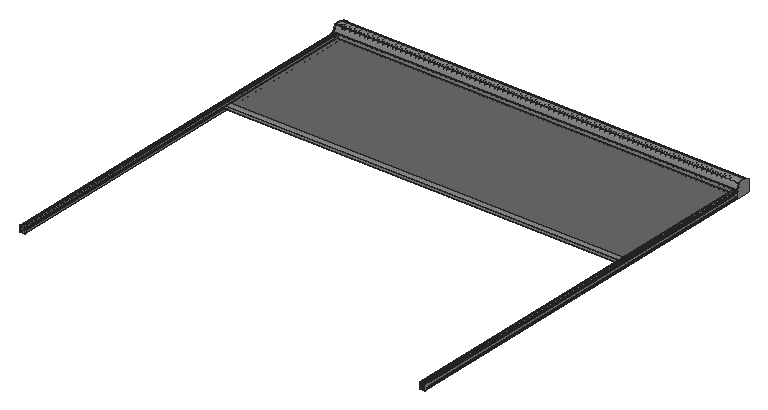
Revit family "Windows_Blinds_Nimex_Zip_105", category Specialty Equipment, host Face, Revit 2018 (continued)
Definition of nested family "Zip_105"
  Automatic sketch dimensions
    curve 563 to curve 569 = 0 mm  (x3)
    curve 491 to curve 502 = 1.1 mm
    curve 491 to curve 568 = 8.243 mm
    curve 721 to curve 491 = 22.49 mm
    curve 491 to curve 568 = 6.343 mm
    curve 489 to curve 491 = 1.675 mm
    curve 452 to curve 496 = 0 mm  (x2)
    curve 469 to curve 470 = 0 mm  (x2)
    curve 539 to curve 540 = 0 mm  (x2)
    curve 542 to curve 561 = 0 mm  (x2)
    curve 542 to curve 563 = 0 mm  (x2)
    curve 542 to curve 565 = 0 mm  (x2)
    curve 542 to curve 567 = 0 mm  (x2)
    curve 542 to curve 569 = 0 mm  (x2)
    curve 542 to curve 573 = 0 mm  (x2)
    curve 543 to curve 544 = 0 mm  (x2)
    curve 543 to curve 545 = 0 mm  (x2)
    curve 543 to curve 546 = 0 mm  (x2)
    curve 543 to curve 547 = 0 mm  (x2)
    curve 543 to curve 548 = 0 mm  (x2)
    curve 543 to curve 549 = 0 mm  (x2)
    curve 543 to curve 550 = 0 mm  (x2)
    curve 543 to curve 551 = 0 mm  (x2)
    curve 543 to curve 553 = 0 mm  (x2)
    curve 543 to curve 555 = 0 mm  (x2)
    curve 543 to curve 557 = 0 mm  (x2)
    curve 543 to curve 559 = 0 mm  (x2)
    curve 543 to curve 561 = 0 mm  (x2)
    curve 543 to curve 563 = 0 mm  (x2)
    curve 543 to curve 565 = 0 mm  (x2)
    curve 543 to curve 567 = 0 mm  (x2)
    curve 543 to curve 569 = 0 mm  (x2)
    curve 543 to curve 573 = 0 mm  (x2)
    curve 544 to curve 545 = 0 mm  (x2)
    curve 544 to curve 546 = 0 mm  (x2)
    curve 544 to curve 547 = 0 mm  (x2)
    curve 544 to curve 548 = 0 mm  (x2)
    curve 544 to curve 549 = 0 mm  (x2)
    curve 544 to curve 550 = 0 mm  (x2)
    curve 544 to curve 551 = 0 mm  (x2)
    curve 544 to curve 553 = 0 mm  (x2)
    curve 544 to curve 555 = 0 mm  (x2)
    curve 544 to curve 557 = 0 mm  (x2)
    curve 544 to curve 559 = 0 mm  (x2)
    curve 544 to curve 563 = 0 mm  (x2)
    curve 544 to curve 565 = 0 mm  (x2)
    curve 544 to curve 567 = 0 mm  (x2)
    curve 544 to curve 569 = 0 mm  (x2)
    curve 544 to curve 573 = 0 mm  (x2)
    curve 545 to curve 546 = 0 mm  (x2)
    curve 545 to curve 547 = 0 mm  (x2)
    curve 545 to curve 548 = 0 mm  (x2)
    curve 545 to curve 549 = 0 mm  (x2)
    curve 545 to curve 550 = 0 mm  (x2)
    curve 545 to curve 551 = 0 mm  (x2)
    curve 545 to curve 553 = 0 mm  (x2)
    curve 545 to curve 555 = 0 mm  (x2)
    curve 545 to curve 557 = 0 mm  (x2)
    curve 545 to curve 559 = 0 mm  (x2)
    curve 545 to curve 561 = 0 mm  (x2)
    curve 545 to curve 563 = 0 mm  (x2)
    curve 545 to curve 565 = 0 mm  (x2)
    curve 545 to curve 567 = 0 mm  (x2)
    curve 545 to curve 569 = 0 mm  (x2)
    curve 545 to curve 573 = 0 mm  (x2)
    curve 546 to curve 547 = 0 mm  (x2)
    curve 546 to curve 548 = 0 mm  (x2)
    curve 546 to curve 549 = 0 mm  (x2)
    curve 546 to curve 550 = 0 mm  (x2)
    curve 546 to curve 551 = 0 mm  (x2)
    curve 546 to curve 553 = 0 mm  (x2)
    curve 546 to curve 555 = 0 mm  (x2)
    curve 546 to curve 557 = 0 mm  (x2)
    curve 546 to curve 559 = 0 mm  (x2)
    curve 546 to curve 561 = 0 mm  (x2)
    curve 546 to curve 563 = 0 mm  (x2)
    curve 546 to curve 565 = 0 mm  (x2)
    curve 546 to curve 567 = 0 mm  (x2)
    curve 546 to curve 569 = 0 mm  (x2)
    curve 546 to curve 573 = 0 mm  (x2)
    curve 547 to curve 548 = 0 mm  (x2)
    curve 547 to curve 549 = 0 mm  (x2)
    curve 547 to curve 550 = 0 mm  (x2)
    curve 547 to curve 551 = 0 mm  (x2)
    curve 547 to curve 553 = 0 mm  (x2)
    curve 547 to curve 555 = 0 mm  (x2)
    curve 547 to curve 557 = 0 mm  (x2)
    curve 547 to curve 559 = 0 mm  (x2)
    curve 547 to curve 561 = 0 mm  (x2)
    curve 547 to curve 563 = 0 mm  (x2)
    curve 547 to curve 565 = 0 mm  (x2)
    curve 547 to curve 567 = 0 mm  (x2)
    curve 547 to curve 569 = 0 mm  (x2)
    curve 547 to curve 573 = 0 mm  (x2)
    curve 548 to curve 549 = 0 mm  (x2)
    curve 548 to curve 550 = 0 mm  (x2)
    curve 548 to curve 551 = 0 mm  (x2)
    curve 548 to curve 553 = 0 mm  (x2)
    curve 548 to curve 555 = 0 mm  (x2)
    curve 548 to curve 557 = 0 mm  (x2)
    curve 548 to curve 559 = 0 mm  (x2)
    curve 548 to curve 561 = 0 mm  (x2)
    curve 548 to curve 563 = 0 mm  (x2)
    curve 548 to curve 565 = 0 mm  (x2)
    curve 548 to curve 567 = 0 mm  (x2)
    curve 548 to curve 569 = 0 mm  (x2)
    curve 548 to curve 573 = 0 mm  (x2)
    curve 549 to curve 550 = 0 mm  (x2)
    curve 549 to curve 551 = 0 mm  (x2)
    curve 549 to curve 553 = 0 mm  (x2)
    curve 549 to curve 555 = 0 mm  (x2)
    curve 549 to curve 557 = 0 mm  (x2)
    curve 549 to curve 559 = 0 mm  (x2)
    curve 549 to curve 561 = 0 mm  (x2)
    curve 549 to curve 563 = 0 mm  (x2)
    curve 549 to curve 565 = 0 mm  (x2)
    curve 549 to curve 567 = 0 mm  (x2)
    curve 549 to curve 569 = 0 mm  (x2)
    curve 549 to curve 573 = 0 mm  (x2)
    curve 550 to curve 551 = 0 mm  (x2)
    curve 550 to curve 553 = 0 mm  (x2)
    curve 550 to curve 555 = 0 mm  (x2)
    curve 550 to curve 557 = 0 mm  (x2)
    curve 550 to curve 559 = 0 mm  (x2)
    curve 550 to curve 561 = 0 mm  (x2)
    curve 550 to curve 563 = 0 mm  (x2)
    curve 550 to curve 565 = 0 mm  (x2)
    curve 550 to curve 567 = 0 mm  (x2)
    curve 550 to curve 569 = 0 mm  (x2)
    curve 550 to curve 573 = 0 mm  (x2)
    curve 551 to curve 553 = 0 mm  (x2)
    curve 551 to curve 555 = 0 mm  (x2)
    curve 551 to curve 557 = 0 mm  (x2)
    curve 551 to curve 559 = 0 mm  (x2)
    curve 551 to curve 561 = 0 mm  (x2)
    curve 551 to curve 563 = 0 mm  (x2)
    curve 551 to curve 565 = 0 mm  (x2)
    curve 551 to curve 567 = 0 mm  (x2)
    curve 551 to curve 569 = 0 mm  (x2)
    curve 551 to curve 573 = 0 mm  (x2)
    curve 553 to curve 555 = 0 mm  (x2)
    curve 553 to curve 557 = 0 mm  (x2)
    curve 553 to curve 559 = 0 mm  (x2)
    curve 553 to curve 561 = 0 mm  (x2)
    curve 553 to curve 565 = 0 mm  (x2)
    curve 553 to curve 567 = 0 mm  (x2)
    curve 553 to curve 569 = 0 mm  (x2)
    curve 553 to curve 573 = 0 mm  (x2)
    curve 555 to curve 557 = 0 mm  (x2)
    curve 555 to curve 559 = 0 mm  (x2)
    curve 555 to curve 561 = 0 mm  (x2)
    curve 555 to curve 563 = 0 mm  (x2)
    curve 555 to curve 565 = 0 mm  (x2)
    curve 555 to curve 567 = 0 mm  (x2)
    curve 555 to curve 569 = 0 mm  (x2)
    curve 557 to curve 559 = 0 mm  (x2)
    curve 557 to curve 561 = 0 mm  (x2)
    curve 557 to curve 563 = 0 mm  (x2)
    curve 557 to curve 565 = 0 mm  (x2)
    curve 557 to curve 567 = 0 mm  (x2)
    curve 557 to curve 569 = 0 mm  (x2)
    curve 559 to curve 561 = 0 mm  (x2)
    curve 559 to curve 563 = 0 mm  (x2)
    curve 559 to curve 565 = 0 mm  (x2)
    curve 559 to curve 567 = 0 mm  (x2)
    curve 559 to curve 569 = 0 mm  (x2)
    curve 561 to curve 563 = 0 mm  (x2)
    curve 561 to curve 565 = 0 mm  (x2)
    curve 561 to curve 567 = 0 mm  (x2)
    curve 561 to curve 573 = 0 mm  (x2)
    curve 563 to curve 573 = 0 mm  (x2)
    curve 565 to curve 569 = 0 mm  (x2)
    curve 565 to curve 573 = 0 mm  (x2)
    curve 567 to curve 573 = 0 mm  (x2)
    curve 569 to curve 573 = 0 mm  (x2)
    curve 500 to curve 503 = 2.823 mm
    curve 503 to curve 518 = 15.53 mm
    curve 485 to curve 500 = 18.2 mm
    curve 701 to curve 708 = 0 mm  (x4)
    curve 689 to curve 703 = 0 mm  (x4)
    curve 586 to curve 591 = 2.796 mm
    curve 726 to curve 639 = 1.297 mm
    curve 627 to curve 706 = 3.249 mm
    curve 627 to curve 699 = 13.44 mm
    curve 697 to curve 627 = 19.663 mm
    curve 627 to curve 683 = 1.505 mm
    curve 699 to curve 696 = 0.336 mm
    curve 581 to curve 584 = 0 mm  (x4)
    curve 691 to curve 705 = 0 mm  (x4)
    curve 704 to curve 706 = 0 mm  (x4)
    curve 591 to curve 626 = 51.963 mm
    curve 722 to curve 626 = 1.846 mm
    curve 693 to curve 697 = 0 mm  (x4)
    curve 695 to curve 699 = 0 mm  (x4)
    curve 702 to curve 704 = 0 mm  (x3)
    curve 576 to curve 580 = 0 mm  (x3)
    curve 649 to curve 677 = 0 mm  (x4)
    curve 681 to curve 698 = 0 mm  (x3)
    curve 690 to curve 700 = 0 mm  (x3)
    curve 692 to curve 710 = 0 mm  (x3)
    curve 694 to curve 710 = 0 mm  (x3)
    curve 696 to curve 710 = 0 mm  (x4)
    curve 698 to curve 706 = 0 mm  (x4)
    curve 700 to curve 702 = 0 mm  (x3)
    curve 700 to curve 704 = 0 mm  (x3)
    curve 700 to curve 706 = 0 mm  (x3)
    curve 628 to curve 639 = 1.1 mm
    curve 628 to curve 705 = 8.243 mm
    curve 722 to curve 628 = 22.49 mm
    curve 628 to curve 705 = 6.343 mm
    curve 626 to curve 628 = 1.675 mm
    curve 589 to curve 633 = 0 mm  (x2)
    curve 606 to curve 607 = 0 mm  (x2)
    curve 676 to curve 677 = 0 mm  (x2)
    curve 679 to curve 698 = 0 mm  (x2)
    curve 679 to curve 700 = 0 mm  (x2)
    curve 679 to curve 702 = 0 mm  (x2)
    curve 679 to curve 704 = 0 mm  (x2)
    curve 679 to curve 706 = 0 mm  (x2)
    curve 679 to curve 710 = 0 mm  (x2)
    curve 680 to curve 681 = 0 mm  (x2)
    curve 680 to curve 682 = 0 mm  (x2)
    curve 680 to curve 683 = 0 mm  (x2)
    curve 680 to curve 684 = 0 mm  (x2)
    curve 680 to curve 685 = 0 mm  (x2)
    curve 680 to curve 686 = 0 mm  (x2)
    curve 680 to curve 687 = 0 mm  (x2)
    curve 680 to curve 688 = 0 mm  (x2)
    curve 680 to curve 690 = 0 mm  (x2)
    curve 680 to curve 692 = 0 mm  (x2)
    curve 680 to curve 694 = 0 mm  (x2)
    curve 680 to curve 696 = 0 mm  (x2)
    curve 680 to curve 698 = 0 mm  (x2)
    curve 680 to curve 700 = 0 mm  (x2)
    curve 680 to curve 702 = 0 mm  (x2)
    curve 680 to curve 704 = 0 mm  (x2)
    curve 680 to curve 706 = 0 mm  (x2)
    curve 680 to curve 710 = 0 mm  (x2)
    curve 681 to curve 682 = 0 mm  (x2)
    curve 681 to curve 683 = 0 mm  (x2)
    curve 681 to curve 684 = 0 mm  (x2)
    curve 681 to curve 685 = 0 mm  (x2)
    curve 681 to curve 686 = 0 mm  (x2)
    curve 681 to curve 687 = 0 mm  (x2)
    curve 681 to curve 688 = 0 mm  (x2)
    curve 681 to curve 690 = 0 mm  (x2)
    curve 681 to curve 692 = 0 mm  (x2)
    curve 681 to curve 694 = 0 mm  (x2)
    curve 681 to curve 696 = 0 mm  (x2)
    curve 681 to curve 700 = 0 mm  (x2)
    curve 681 to curve 702 = 0 mm  (x2)
    curve 681 to curve 704 = 0 mm  (x2)
    curve 681 to curve 706 = 0 mm  (x2)
    curve 681 to curve 710 = 0 mm  (x2)
    curve 682 to curve 683 = 0 mm  (x2)
    curve 682 to curve 684 = 0 mm  (x2)
    curve 682 to curve 685 = 0 mm  (x2)
    curve 682 to curve 686 = 0 mm  (x2)
    curve 682 to curve 687 = 0 mm  (x2)
    curve 682 to curve 688 = 0 mm  (x2)
    curve 682 to curve 690 = 0 mm  (x2)
    curve 682 to curve 692 = 0 mm  (x2)
    curve 682 to curve 694 = 0 mm  (x2)
    curve 682 to curve 696 = 0 mm  (x2)
    curve 682 to curve 698 = 0 mm  (x2)
    curve 682 to curve 700 = 0 mm  (x2)
    curve 682 to curve 702 = 0 mm  (x2)
    curve 682 to curve 704 = 0 mm  (x2)
    curve 682 to curve 706 = 0 mm  (x2)
    curve 682 to curve 710 = 0 mm  (x2)
    curve 683 to curve 684 = 0 mm  (x2)
    curve 683 to curve 685 = 0 mm  (x2)
    curve 683 to curve 686 = 0 mm  (x2)
    curve 683 to curve 687 = 0 mm  (x2)
    curve 683 to curve 688 = 0 mm  (x2)
    curve 683 to curve 690 = 0 mm  (x2)
    curve 683 to curve 692 = 0 mm  (x2)
    curve 683 to curve 694 = 0 mm  (x2)
    curve 683 to curve 696 = 0 mm  (x2)
    curve 683 to curve 698 = 0 mm  (x2)
    curve 683 to curve 700 = 0 mm  (x2)
    curve 683 to curve 702 = 0 mm  (x2)
    curve 683 to curve 704 = 0 mm  (x2)
    curve 683 to curve 706 = 0 mm  (x2)
    curve 683 to curve 710 = 0 mm  (x2)
    curve 684 to curve 685 = 0 mm  (x2)
    curve 684 to curve 686 = 0 mm  (x2)
    curve 684 to curve 687 = 0 mm  (x2)
    curve 684 to curve 688 = 0 mm  (x2)
    curve 684 to curve 690 = 0 mm  (x2)
    curve 684 to curve 692 = 0 mm  (x2)
    curve 684 to curve 694 = 0 mm  (x2)
    curve 684 to curve 696 = 0 mm  (x2)
    curve 684 to curve 698 = 0 mm  (x2)
    curve 684 to curve 700 = 0 mm  (x2)
    curve 684 to curve 702 = 0 mm  (x2)
    curve 684 to curve 704 = 0 mm  (x2)
    curve 684 to curve 706 = 0 mm  (x2)
    curve 684 to curve 710 = 0 mm  (x2)
    curve 685 to curve 686 = 0 mm  (x2)
    curve 685 to curve 687 = 0 mm  (x2)
    curve 685 to curve 688 = 0 mm  (x2)
    curve 685 to curve 690 = 0 mm  (x2)
    curve 685 to curve 692 = 0 mm  (x2)
    curve 685 to curve 694 = 0 mm  (x2)
    curve 685 to curve 696 = 0 mm  (x2)
    curve 685 to curve 698 = 0 mm  (x2)
    curve 685 to curve 700 = 0 mm  (x2)
    curve 685 to curve 702 = 0 mm  (x2)
    curve 685 to curve 704 = 0 mm  (x2)
    curve 685 to curve 706 = 0 mm  (x2)
    curve 685 to curve 710 = 0 mm  (x2)
    curve 686 to curve 687 = 0 mm  (x2)
    curve 686 to curve 688 = 0 mm  (x2)
    curve 686 to curve 690 = 0 mm  (x2)
    curve 686 to curve 692 = 0 mm  (x2)
    curve 686 to curve 694 = 0 mm  (x2)
    curve 686 to curve 696 = 0 mm  (x2)
    curve 686 to curve 698 = 0 mm  (x2)
    curve 686 to curve 700 = 0 mm  (x2)
    curve 686 to curve 702 = 0 mm  (x2)
    curve 686 to curve 704 = 0 mm  (x2)
    curve 686 to curve 706 = 0 mm  (x2)
    curve 686 to curve 710 = 0 mm  (x2)
    curve 687 to curve 688 = 0 mm  (x2)
    curve 687 to curve 690 = 0 mm  (x2)
    curve 687 to curve 692 = 0 mm  (x2)
    curve 687 to curve 694 = 0 mm  (x2)
    curve 687 to curve 696 = 0 mm  (x2)
    curve 687 to curve 698 = 0 mm  (x2)
    curve 687 to curve 700 = 0 mm  (x2)
    curve 687 to curve 702 = 0 mm  (x2)
    curve 687 to curve 704 = 0 mm  (x2)
    curve 687 to curve 706 = 0 mm  (x2)
    curve 687 to curve 710 = 0 mm  (x2)
    curve 688 to curve 690 = 0 mm  (x2)
    curve 688 to curve 692 = 0 mm  (x2)
    curve 688 to curve 694 = 0 mm  (x2)
    curve 688 to curve 696 = 0 mm  (x2)
    curve 688 to curve 698 = 0 mm  (x2)
    curve 688 to curve 700 = 0 mm  (x2)
    curve 688 to curve 702 = 0 mm  (x2)
    curve 688 to curve 704 = 0 mm  (x2)
    curve 688 to curve 706 = 0 mm  (x2)
    curve 688 to curve 710 = 0 mm  (x2)
    curve 690 to curve 692 = 0 mm  (x2)
    curve 690 to curve 694 = 0 mm  (x2)
    curve 690 to curve 696 = 0 mm  (x2)
    curve 690 to curve 698 = 0 mm  (x2)
    curve 690 to curve 702 = 0 mm  (x2)
    curve 690 to curve 704 = 0 mm  (x2)
    curve 690 to curve 706 = 0 mm  (x2)
    curve 690 to curve 710 = 0 mm  (x2)
    curve 692 to curve 694 = 0 mm  (x2)
    curve 692 to curve 696 = 0 mm  (x2)
    curve 692 to curve 698 = 0 mm  (x2)
    curve 692 to curve 700 = 0 mm  (x2)
    curve 692 to curve 702 = 0 mm  (x2)
    curve 692 to curve 704 = 0 mm  (x2)
    curve 692 to curve 706 = 0 mm  (x2)
    curve 694 to curve 696 = 0 mm  (x2)
    curve 694 to curve 698 = 0 mm  (x2)
    curve 694 to curve 700 = 0 mm  (x2)
    curve 694 to curve 702 = 0 mm  (x2)
    curve 694 to curve 704 = 0 mm  (x2)
    curve 694 to curve 706 = 0 mm  (x2)
    curve 696 to curve 698 = 0 mm  (x2)
    curve 696 to curve 700 = 0 mm  (x2)
    curve 696 to curve 702 = 0 mm  (x2)
    curve 696 to curve 704 = 0 mm  (x2)
    curve 696 to curve 706 = 0 mm  (x2)
    curve 698 to curve 700 = 0 mm  (x2)
    curve 698 to curve 702 = 0 mm  (x2)
    curve 698 to curve 704 = 0 mm  (x2)
    curve 698 to curve 710 = 0 mm  (x2)
    curve 700 to curve 710 = 0 mm  (x2)
    curve 702 to curve 706 = 0 mm  (x2)
    curve 702 to curve 710 = 0 mm  (x2)
    curve 704 to curve 710 = 0 mm  (x2)
    curve 706 to curve 710 = 0 mm  (x2)
    curve 637 to curve 640 = 2.823 mm
    curve 640 to curve 655 = 15.53 mm
    curve 622 to curve 637 = 18.2 mm
    plane 1 "Center (Front/Back)" to curve 436 = 15.6 mm
    plane 4 to curve 436 = 56.264 mm
    curve 435 to plane 8 = 9.1 mm
    curve 435 to curve 436 = 0 mm
    plane 5 to curve 435 = 56.264 mm
    curve 436 to curve 435 = 0 mm
    curve 19 to plane 9 = 15.447 mm
    curve 19 to curve 18 = 4.152 mm
    curve 5 to level = 0 mm
    plane 10 to curve 2 = 0 mm
    curve 9 to curve 13 = 34 mm
    curve 22 to curve 10 = 34 mm
    curve 9 to plane 6 = 0 mm
    radius of curve 543 = 43 mm
    radius of curve 544 = 42 mm
    radius of curve 545 = 41 mm
    radius of curve 546 = 40 mm
    radius of curve 547 = 39 mm
    radius of curve 548 = 38 mm
    radius of curve 549 = 37 mm
    radius of curve 550 = 36 mm
    radius of curve 573 = 20 mm
    radius of curve 680 = 43 mm
    radius of curve 681 = 42 mm
    radius of curve 682 = 41 mm
    radius of curve 683 = 40 mm
    radius of curve 684 = 39 mm
    radius of curve 685 = 38 mm
    radius of curve 686 = 37 mm
    radius of curve 687 = 36 mm
    radius of curve 710 = 20 mm
  Nested families
    nested 1: "Zip_Legs" at (-1733, 5, 0), TotalHeight <- "TotalHeightControl", Metal <- "FrameMaterial", type ""
      with TotalHeight 2500 mm, Metal none
    nested 2: "Zip_Legs" at (1733, 5, 0) x (-1, 0, 0) z (0, 0, 1), TotalHeight <- "TotalHeightControl", Metal <- "FrameMaterial", type ""
      with TotalHeight 2500 mm, Metal none
    nested 3: "Zip_Top" at (0, -17.882, 2352.5), TotalWidth <- "TotalWidthControl", Metal <- "FrameMaterial", type ""
      with TotalWidth 3500 mm, Metal none
    nested 4: "Zip_Sceen" at (0, 5.2, 0), ScreenHeightControl <- "ScreenHeigthControl", TotalHeight <- "TotalHeightControl", TotalWidth <- "TotalWidthControl", Screen <- "ScreenMaterial", type ""
      with TotalWidth 3500 mm, TotalHeight 2500 mm, ScreenHeightControl 500 mm, Screen none
    nested 5: "Zip_Sceen-Frame" at (0, 5.2, 1855), TotalWidth <- "TotalWidthControl", Metal <- "FrameMaterial", type ""
      with TotalWidth 3500 mm, Metal none
  Definition of nested family "Zip_Legs"
    Parameters (values of type "Zip_Legs")
      TotalHeight [instance] = 500 mm
      Metal [instance] = none
    Reference planes
      plane 1 "Center (Front/Back)": y = 0
      plane 2: z = 0
      plane 3 "Center (Left/Right)": x = 0
      plane 4: z = 400
      plane 5: z = 500
      plane 6: x = 17
      plane 7: x = -17
      plane 8: y = 24.5
      plane 9: y = -26.074
    Forms (mm)
      Extrusion 1, solid, material <- "Metal"
        sketch origin (0, 0.4, 0) x (1, 0, 0) y (0, 1, 0)
          loop
            line (16, -7.9) -> (7.7, -7.9)
            arc (7.7, -7.9) -> (7.1, -8.5) -> (7.7, -9.1) r 0.6
            line (7.7, -9.1) -> (11.3, -9.1)
            arc (11.3, -9.1) -> (11.654, -9.246) -> (11.8, -9.6) r 0.5
            line (11.8, -9.6) -> (11.8, -14.124)
            arc (11.8, -14.124) -> (11.654, -14.478) -> (11.3, -14.624) r 0.5
            line (11.3, -14.624) -> (-9.7, -14.624)
            arc (-9.7, -14.624) -> (-10.3, -15.224) -> (-9.7, -15.824) r 0.6
            line (-9.7, -15.824) -> (-3.4, -15.824) -> (-3.4, -22.035)
            arc (-3.4, -22.035) -> (-7.577, -23.488) -> (-11.887, -22.5) r 8
            line (-11.887, -22.5) -> (-15.1, -22.5)
            arc (-15.1, -22.5) -> (-15.7, -23.1) -> (-15.1, -23.7) r 0.6
            line (-15.1, -23.7) -> (-12.4, -23.7) -> (-12.4, -24.9)
            arc (-12.4, -24.9) -> (1.911, -26.502) -> (16.222, -24.891) r 64.554
            arc (16.222, -24.891) -> (16.782, -24.54) -> (17, -23.916) r 1
            line (17, -23.916) -> (17, -8.9)
            arc (17, -8.9) -> (16.707, -8.193) -> (16, -7.9) r 1
          loop
            arc (-5.301, -24.892) -> (3.262, -25.287) -> (11.8, -24.522) r 63.354
            line (11.8, -24.522) -> (11.8, -16.324)
            arc (11.8, -16.324) -> (11.654, -15.971) -> (11.3, -15.824) r 0.5
            line (11.3, -15.824) -> (-2.2, -15.824) -> (-2.2, -22.959)
            arc (-2.2, -22.959) -> (-2.346, -23.312) -> (-2.7, -23.459) r 0.5
            line (-2.7, -23.459) -> (-3.939, -23.459)
            arc (-3.939, -23.459) -> (-4.594, -23.97) -> (-5.354, -24.307) r 3.378
            arc (-5.354, -24.307) -> (-5.566, -24.621) -> (-5.301, -24.892) r 0.3
          loop
            arc (13, -23.747) -> (13.173, -24.115) -> (13.566, -24.217) r 0.478
            arc (13.566, -24.217) -> (14.499, -24.035) -> (15.428, -23.839) r 63.354
            arc (15.428, -23.839) -> (15.767, -23.629) -> (15.9, -23.253) r 0.6
            line (15.9, -23.253) -> (15.9, -9.6)
            arc (15.9, -9.6) -> (15.754, -9.246) -> (15.4, -9.1) r 0.5
            line (15.4, -9.1) -> (13.5, -9.1)
            arc (13.5, -9.1) -> (13.146, -9.246) -> (13, -9.6) r 0.5
            line (13, -9.6) -> (13, -23.747)
        from 0 to 400
      Extrusion 2, solid, material <- "Metal"
        sketch origin (50, 0.4, 0) x (1, 0, 0) y (0, 1, 0)
          loop
            arc (-66, 24.1) -> (-66.707, 23.807) -> (-67, 23.1) r 1
            line (-67, 23.1) -> (-67, -23.9)
            arc (-67, -23.9) -> (-66.707, -24.607) -> (-66, -24.9) r 1
            line (-66, -24.9) -> (-63.1, -24.9)
            arc (-63.1, -24.9) -> (-62.5, -24.3) -> (-63.1, -23.7) r 0.6
            line (-63.1, -23.7) -> (-65.8, -23.7) -> (-65.8, -22.15) -> (-54.1, -22.15)
            arc (-54.1, -22.15) -> (-53.5, -21.55) -> (-54.1, -20.95) r 0.6
            line (-54.1, -20.95) -> (-65.4, -20.95) -> (-65.4, -17.6) -> (-54.1, -17.6)
            arc (-54.1, -17.6) -> (-53.5, -17) -> (-54.1, -16.4) r 0.6
            line (-54.1, -16.4) -> (-59.3, -16.4)
            arc (-59.3, -16.4) -> (-60.475, -15.225) -> (-59.3, -14.05) r 1.175
            line (-59.3, -14.05) -> (-56.85, -14.05) -> (-56.85, 15.5) -> (-38.3, 15.5) -> (-38.3, 8.3) -> (-42.4, 8.3)
            arc (-42.4, 8.3) -> (-43, 7.7) -> (-42.4, 7.1) r 0.6
            line (-42.4, 7.1) -> (-34, 7.1)
            arc (-34, 7.1) -> (-33.293, 7.393) -> (-33, 8.1) r 1
            line (-33, 8.1) -> (-33, 23.1)
            arc (-33, 23.1) -> (-33.293, 23.807) -> (-34, 24.1) r 1
            line (-34, 24.1) -> (-66, 24.1)
          loop
            line (-65.8, 17.139) -> (-65.8, -16.4) -> (-61.5, -16.4) -> (-61.5, -12.85) -> (-58.05, -12.85) -> (-58.05, 14.102) -> (-59.5, 14.102)
            arc (-59.5, 14.102) -> (-61.449, 15.035) -> (-61.942, 17.139) r 2.5
            line (-61.942, 17.139) -> (-65.8, 17.139)
          loop
            line (-57.002, 16.7) -> (-37.1, 16.7) -> (-37.1, 8.3) -> (-34.2, 8.3) -> (-34.2, 22.9) -> (-65.8, 22.9) -> (-65.8, 18.339) -> (-61.298, 18.339)
            arc (-61.298, 18.339) -> (-60.869, 18.531) -> (-60.47, 18.282) r 0.5
            line (-60.47, 18.282) -> (-60.034, 17.527) -> (-60.866, 17.527)
            arc (-60.866, 17.527) -> (-59.5, 14.952) -> (-58.134, 17.527) r 1.65
            line (-58.134, 17.527) -> (-58.966, 17.527) -> (-58.511, 18.315)
            arc (-58.511, 18.315) -> (-58.174, 18.544) -> (-57.786, 18.422) r 0.467
            arc (-57.786, 18.422) -> (-57.225, 17.638) -> (-57.002, 16.7) r 2.5
        from 0 to 400
    Dimensions and locks
      locked: plane 5 to plane 4 at 100
      "TotalHeight": plane 5 to plane 2
      aligned and locked: level to plane 2
      aligned and locked: plane 4 to Extrusion 1
      aligned and locked: plane 4 to Extrusion 2
    Automatic sketch dimensions
      Extrusion 2 sketch curve to plane 7 = 0 mm
      Extrusion 2 sketch curve to plane 6 = 0 mm
      plane 7 to Extrusion 2 sketch curve = 1 mm
      Extrusion 2 sketch curve to Extrusion 2 sketch curve = 0.4 mm
      Extrusion 2 sketch curve to Extrusion 2 sketch curve = 2.7 mm
      Extrusion 2 sketch curve to Extrusion 2 sketch curve = 6.1 mm
      Extrusion 2 sketch curve to Extrusion 2 sketch curve = 2.45 mm
      Extrusion 2 sketch curve to plane 3 "Center (Left/Right)" = 4.1 mm
      plane 3 "Center (Left/Right)" to Extrusion 2 sketch curve = 7.6 mm
      plane 6 to Extrusion 2 sketch curve = 5.3 mm
      plane 6 to Extrusion 2 sketch curve = 1 mm  (x2)
      Extrusion 2 sketch curve to Extrusion 2 sketch curve = 0.6 mm  (x4)
      Extrusion 2 sketch curve to Extrusion 2 sketch curve = 1.55 mm
      Extrusion 2 sketch curve to Extrusion 2 sketch curve = 3.35 mm
      Extrusion 2 sketch curve to Extrusion 2 sketch curve = 1.175 mm
      Extrusion 2 sketch curve to plane 1 "Center (Front/Back)" = 7.5 mm
      plane 7 to Extrusion 2 sketch curve = 1.2 mm  (x3)
      Extrusion 2 sketch curve to Extrusion 2 sketch curve = 0.2 mm  (x4)
      Extrusion 2 sketch curve to Extrusion 2 sketch curve = 2.2 mm
      Extrusion 2 sketch curve to Extrusion 2 sketch curve = 1.2 mm  (x6)
      Extrusion 2 sketch curve to Extrusion 2 sketch curve = 0 mm  (x5)
      Extrusion 2 sketch curve to Extrusion 2 sketch curve = 0.644 mm
      Extrusion 2 sketch curve to Extrusion 2 sketch curve = 0.394 mm
      Extrusion 2 sketch curve to Extrusion 2 sketch curve = 0.037 mm
      Extrusion 2 sketch curve to Extrusion 2 sketch curve = 0.433 mm
      Extrusion 2 sketch curve to Extrusion 2 sketch curve = 0.831 mm  (x2)
      Extrusion 2 sketch curve to Extrusion 2 sketch curve = 0.534 mm
      Extrusion 2 sketch curve to Extrusion 2 sketch curve = 0.455 mm
      Extrusion 2 sketch curve to Extrusion 2 sketch curve = 0.404 mm
      Extrusion 2 sketch curve to Extrusion 2 sketch curve = 0.926 mm
      Extrusion 2 sketch curve to Extrusion 2 sketch curve = 0.504 mm
      Extrusion 2 sketch curve to Extrusion 2 sketch curve = 0.554 mm
      Extrusion 2 sketch curve to Extrusion 2 sketch curve = 0.25 mm
      Extrusion 2 sketch curve to Extrusion 2 sketch curve = 0.233 mm
      Extrusion 1 sketch curve to Extrusion 1 sketch curve = 0 mm  (x9)
      Extrusion 1 sketch curve to plane 6 = 0 mm
      plane 6 to Extrusion 1 sketch curve = 1 mm
      Extrusion 1 sketch curve to Extrusion 1 sketch curve = 1 mm
      Extrusion 1 sketch curve to Extrusion 1 sketch curve = 0.1 mm
      Extrusion 1 sketch curve to Extrusion 1 sketch curve = 0.6 mm  (x3)
      Extrusion 1 sketch curve to Extrusion 1 sketch curve = 1.9 mm
      Extrusion 1 sketch curve to Extrusion 1 sketch curve = 1.822 mm
      Extrusion 1 sketch curve to Extrusion 1 sketch curve = 0.5 mm  (x6)
      Extrusion 1 sketch curve to Extrusion 1 sketch curve = 1.2 mm  (x3)
      Extrusion 1 sketch curve to Extrusion 1 sketch curve = 3.6 mm
      plane 3 "Center (Left/Right)" to Extrusion 1 sketch curve = 1.892 mm
      Extrusion 1 sketch curve to plane 3 "Center (Left/Right)" = 2.2 mm
      Extrusion 1 sketch curve to Extrusion 1 sketch curve = 1.239 mm
      Extrusion 1 sketch curve to Extrusion 1 sketch curve = 1.328 mm
      Extrusion 1 sketch curve to Extrusion 1 sketch curve = 2.931 mm
      Extrusion 1 sketch curve to Extrusion 1 sketch curve = 4.614 mm
      Extrusion 1 sketch curve to Extrusion 1 sketch curve = 1.686 mm
      plane 7 to Extrusion 1 sketch curve = 5.113 mm
      Extrusion 1 sketch curve to Extrusion 1 sketch curve = 0.513 mm
      plane 7 to Extrusion 1 sketch curve = 1.9 mm
      Extrusion 1 sketch curve to Extrusion 1 sketch curve = 0.606 mm
      Extrusion 1 sketch curve to Extrusion 1 sketch curve = 0.775 mm
      Extrusion 1 sketch curve to Extrusion 1 sketch curve = 1.135 mm
      Extrusion 1 sketch curve to Extrusion 1 sketch curve = 0.663 mm
      Extrusion 1 sketch curve to Extrusion 1 sketch curve = 0.924 mm
      Extrusion 1 sketch curve to Extrusion 1 sketch curve = 0.962 mm
      Extrusion 1 sketch curve to Extrusion 1 sketch curve = 7.422 mm
      Extrusion 1 sketch curve to Extrusion 1 sketch curve = 4.525 mm
      Extrusion 1 sketch curve to Extrusion 1 sketch curve = 0.7 mm
      Extrusion 2 sketch curve to Extrusion 2 sketch curve = 2.332 mm
      Extrusion 2 sketch curve to Extrusion 2 sketch curve = 0.152 mm
      Extrusion 2 sketch curve to Extrusion 2 sketch curve = 7.2 mm
      Extrusion 2 sketch curve to Extrusion 2 sketch curve = 1.399 mm
      Extrusion 2 sketch curve to Extrusion 2 sketch curve = 2.75 mm
      plane 8 to Extrusion 1 sketch curve = 13.952 mm
      Extrusion 2 sketch curve to plane 8 = 0 mm
      plane 1 "Center (Front/Back)" to Extrusion 1 sketch curve = 7.5 mm
      Extrusion 1 sketch curve to Extrusion 1 sketch curve = 0.275 mm
      plane 9 to Extrusion 1 sketch curve = 5.401 mm
      plane 1 "Center (Front/Back)" to Extrusion 2 sketch curve = 12.45 mm
  Definition of nested family "Zip_Top"
    Parameters (values of type "Zip_Top")
      TotalWidth [instance] = 1000 mm
      Metal [instance] = none
    Reference planes
      plane 1 "Center (Front/Back)": y = 23.081
      plane 2: z = 0
      plane 3 "Center (Left/Right)": x = 0
      plane 4: x = 500
      plane 5: x = -500
      plane 6: z = 100
      plane 7: y = 47.382
      plane 8: x = -495
      plane 9: x = 495
      plane 10: z = 147.5
      plane 11: y = -57.618
    Forms (mm)
      Extrusion 1, solid, material <- "Metal"
        sketch origin (0, -5.2, 47.5) x (0, 1, 0) y (0, 0, 1)
          loop
            line (52.581, 0) -> (52.581, 98)
            arc (52.581, 98) -> (51.995, 99.414) -> (50.581, 100) r 2
            line (50.581, 100) -> (-37.003, 100)
            arc (-37.003, 100) -> (-38.723, 99.459) -> (-39.821, 98.03) r 3
            arc (-39.821, 98.03) -> (-44.302, 85.426) -> (-48.562, 72.747) r 766.307
            arc (-48.562, 72.747) -> (-52.396, 46.623) -> (-47.316, 20.713) r 78.179
            arc (-47.316, 20.713) -> (-46.493, 19.301) -> (-45.259, 18.229) r 5
            arc (-45.259, 18.229) -> (-25.422, 7.916) -> (-4.322, 0.526) r 156.94
            arc (-4.322, 0.526) -> (-2.371, 0.132) -> (-0.385, 0) r 15
            line (-0.385, 0) -> (25.731, 0)
            arc (25.731, 0) -> (27.625, 1.265) -> (27.181, 3.5) r 2.05
            line (27.181, 3.5) -> (26.051, 4.63) -> (24.785, 3.364) -> (25.675, 2.474)
            arc (25.675, 2.474) -> (25.761, 2.044) -> (25.396, 1.8) r 0.395
            line (25.396, 1.8) -> (-0.144, 1.8)
            arc (-0.144, 1.8) -> (-2.142, 1.934) -> (-4.106, 2.333) r 15
            arc (-4.106, 2.333) -> (-24.538, 9.494) -> (-43.774, 19.431) r 155.14
            arc (-43.774, 19.431) -> (-45.033, 20.522) -> (-45.863, 21.966) r 5
            arc (-45.863, 21.966) -> (-50.604, 46.994) -> (-46.851, 72.189) r 76.379
            arc (-46.851, 72.189) -> (-43.888, 80.699) -> (-40.595, 89.088) r 230.148
            arc (-40.595, 89.088) -> (-40.307, 89.476) -> (-39.87, 89.684) r 1
            line (-39.87, 89.684) -> (-37.561, 90.152)
            arc (-37.561, 90.152) -> (-35.867, 91.331) -> (-35.566, 93.372) r 2.6
            arc (-35.566, 93.372) -> (-35.14, 92.066) -> (-34.996, 90.7) r 6.546
            line (-34.996, 90.7) -> (-31.09, 90.7) -> (-31.828, 93.455)
            arc (-31.828, 93.455) -> (-33.373, 96.131) -> (-30.696, 94.586) r 1.6
            line (-30.696, 94.586) -> (-28.764, 94.068)
            arc (-28.764, 94.068) -> (-28.711, 95.705) -> (-29.388, 97.195) r 3.6
            arc (-29.388, 97.195) -> (-29.441, 97.721) -> (-28.992, 98) r 0.5
            line (-28.992, 98) -> (44.332, 98)
            arc (44.332, 98) -> (44.78, 97.721) -> (44.728, 97.195) r 0.5
            arc (44.728, 97.195) -> (44.051, 95.705) -> (44.104, 94.068) r 3.6
            line (44.104, 94.068) -> (46.036, 94.586)
            arc (46.036, 94.586) -> (48.713, 96.131) -> (47.167, 93.455) r 1.6
            line (47.167, 93.455) -> (46.649, 91.523)
            arc (46.649, 91.523) -> (48.286, 91.47) -> (49.776, 92.147) r 3.6
            arc (49.776, 92.147) -> (50.302, 92.199) -> (50.581, 91.75) r 0.5
            line (50.581, 91.75) -> (50.581, 8.25)
            arc (50.581, 8.25) -> (50.302, 7.801) -> (49.776, 7.853) r 0.5
            arc (49.776, 7.853) -> (48.286, 8.53) -> (46.649, 8.477) r 3.6
            line (46.649, 8.477) -> (47.167, 6.545)
            arc (47.167, 6.545) -> (48.713, 3.869) -> (46.036, 5.414) r 1.6
            line (46.036, 5.414) -> (44.104, 5.932)
            arc (44.104, 5.932) -> (44.051, 4.295) -> (44.728, 2.805) r 3.6
            arc (44.728, 2.805) -> (44.78, 2.279) -> (44.332, 2) r 0.5
            line (44.332, 2) -> (36.188, 2)
            arc (36.188, 2) -> (35.755, 2.25) -> (35.755, 2.75) r 0.5
            line (35.755, 2.75) -> (37.463, 5.71)
            arc (37.463, 5.71) -> (37.563, 6.468) -> (37.097, 7.076) r 1
            line (37.097, 7.076) -> (35.192, 8.176)
            arc (35.192, 8.176) -> (34.433, 8.275) -> (33.826, 7.81) r 1
            line (33.826, 7.81) -> (33.126, 6.597) -> (34.32, 5.908) -> (34.82, 6.774) -> (36.051, 6.063) -> (33.301, 1.3) -> (32.07, 2.011) -> (32.57, 2.877) -> (31.376, 3.566) -> (30.964, 2.852)
            arc (30.964, 2.852) -> (30.964, 0.951) -> (32.61, 0) r 1.901
            line (32.61, 0) -> (52.581, 0)
        from -495 to 495
      Extrusion 2, solid, material <- "Metal"
        sketch origin (0, -5.2, 0) x (0, 1, 0) y (0, 0, 1)
          loop
            arc (-37.003, 147.5) -> (-38.723, 146.959) -> (-39.821, 145.53) r 3
            arc (-39.821, 145.53) -> (-44.302, 132.926) -> (-48.562, 120.247) r 766.307
            arc (-48.562, 120.247) -> (-52.396, 94.123) -> (-47.316, 68.213) r 78.179
            arc (-47.316, 68.213) -> (-46.493, 66.801) -> (-45.259, 65.729) r 5
            arc (-45.259, 65.729) -> (-25.422, 55.416) -> (-4.322, 48.026) r 156.94
            arc (-4.322, 48.026) -> (-2.371, 47.632) -> (-0.385, 47.5) r 15
            line (-0.385, 47.5) -> (52.581, 47.5) -> (52.581, 145.5)
            arc (52.581, 145.5) -> (51.995, 146.914) -> (50.581, 147.5) r 2
            line (50.581, 147.5) -> (-37.003, 147.5)
        from -500 to -495
      Extrusion 3, solid, material <- "Metal"
        sketch origin (0, -5.2, 0) x (0, 1, 0) y (0, 0, 1)
          loop
            arc (-48.562, 120.247) -> (-52.396, 94.123) -> (-47.316, 68.213) r 78.179
            arc (-47.316, 68.213) -> (-46.493, 66.801) -> (-45.259, 65.729) r 5
            arc (-45.259, 65.729) -> (-25.422, 55.416) -> (-4.322, 48.026) r 156.94
            arc (-4.322, 48.026) -> (-2.371, 47.632) -> (-0.385, 47.5) r 15
            line (-0.385, 47.5) -> (52.581, 47.5) -> (52.581, 145.5)
            arc (52.581, 145.5) -> (51.995, 146.914) -> (50.581, 147.5) r 2
            line (50.581, 147.5) -> (-37.003, 147.5)
            arc (-37.003, 147.5) -> (-38.723, 146.959) -> (-39.821, 145.53) r 3
            arc (-39.821, 145.53) -> (-44.302, 132.926) -> (-48.562, 120.247) r 766.307
        from 495 to 500
      Extrusion 4, solid, material <- "Metal"
        sketch origin (0, -5.2, 0) x (0, 1, 0) y (0, 0, 1)
          loop
            line (30.631, 47.5) -> (30.631, 63.751)
            arc (30.631, 63.751) -> (29.221, 62.62) -> (27.766, 61.548) r 44
            line (27.766, 61.548) -> (27.766, 47.5) -> (30.631, 47.5)
        from -495 to 495
      Extrusion 5, solid, material <- "Metal"
        sketch origin (0, -5.2, 0) x (0, 1, 0) y (0, 0, 1)
          loop
            arc (6.187, 131.288) -> (2.378, 120.517) -> (-1.453, 131.281) r 6.062
            arc (-1.453, 131.281) -> (-14.086, 127.236) -> (-24.209, 118.665) r 34
            arc (-24.209, 118.665) -> (-25.566, 113.587) -> (-29.274, 109.86) r 10.19
            arc (-29.274, 109.86) -> (-31.6, 97.5) -> (-29.274, 85.14) r 34
            arc (-29.274, 85.14) -> (-25.566, 81.413) -> (-24.209, 76.335) r 10.19
            arc (-24.209, 76.335) -> (2.4, 63.5) -> (29.009, 76.335) r 34
            arc (29.009, 76.335) -> (30.366, 81.413) -> (34.074, 85.14) r 10.19
            arc (34.074, 85.14) -> (36.4, 97.5) -> (34.074, 109.86) r 34
            arc (34.074, 109.86) -> (30.366, 113.587) -> (29.009, 118.665) r 10.19
            arc (29.009, 118.665) -> (18.857, 127.252) -> (6.187, 131.288) r 34
          loop
            arc (5.933, 132.321) -> (5, 131.744) -> (5.318, 130.694) r 0.9
            arc (5.318, 130.694) -> (2.377, 121.517) -> (-0.583, 130.688) r 5.062
            arc (-0.583, 130.688) -> (-0.267, 131.739) -> (-1.201, 132.314) r 0.9
            arc (-1.201, 132.314) -> (-14.568, 128.112) -> (-25.215, 119.003) r 35
            arc (-25.215, 119.003) -> (-26.433, 114.085) -> (-30.072, 110.56) r 9.19
            arc (-30.072, 110.56) -> (-32.6, 97.5) -> (-30.072, 84.44) r 35
            arc (-30.072, 84.44) -> (-26.433, 80.915) -> (-25.215, 75.997) r 9.19
            arc (-25.215, 75.997) -> (2.4, 62.5) -> (30.015, 75.997) r 35
            arc (30.015, 75.997) -> (31.233, 80.915) -> (34.872, 84.44) r 9.19
            arc (34.872, 84.44) -> (37.4, 97.5) -> (34.872, 110.56) r 35
            arc (34.872, 110.56) -> (31.233, 114.085) -> (30.015, 119.003) r 9.19
            arc (30.015, 119.003) -> (19.338, 128.129) -> (5.933, 132.321) r 35
        from -495 to 495
      Extrusion 6, solid, material <- "Metal"
        sketch origin (0, -5.2, 0) x (0, 1, 0) y (0, 0, 1)
          loop
            circle (2.4, 97.5) r 44
          loop
            circle (2.4, 97.5) r 36
        from -495 to 495
    Cuts and joins
      joined: Extrusion 4, Extrusion 6
    Dimensions and locks
      equal spacing: plane 4, plane 3 "Center (Left/Right)", plane 5
      "TotalWidth": plane 4 to plane 5
      locked: plane 8 to plane 5 at 5
      locked: plane 4 to plane 9 at 5
      aligned and locked: level to plane 2
      aligned and locked: Extrusion 1 to plane 8
      aligned and locked: plane 9 to Extrusion 1
      aligned and locked: Extrusion 3 to plane 9
      aligned and locked: plane 4 to Extrusion 3
      aligned and locked: plane 8 to Extrusion 2
      aligned and locked: Extrusion 2 to plane 5
      aligned and locked: Extrusion 4 to plane 8
      aligned and locked: plane 9 to Extrusion 4
      aligned and locked: Extrusion 5 to plane 8
      aligned and locked: plane 9 to Extrusion 5
      aligned and locked: plane 9 to Extrusion 6
      aligned and locked: Extrusion 6 to plane 8
    Automatic sketch dimensions
      Extrusion 5 sketch curve to Extrusion 5 sketch curve = 0 mm  (x33)
      Extrusion 5 sketch curve to plane 6 = 23.668 mm  (x2)
      plane 1 "Center (Front/Back)" to Extrusion 5 sketch curve = 62.68 mm
      plane 6 to Extrusion 5 sketch curve = 18.668 mm  (x2)
      Extrusion 5 sketch curve to Extrusion 5 sketch curve = 3.48 mm
      Extrusion 5 sketch curve to plane 6 = 2.5 mm
      plane 1 "Center (Front/Back)" to Extrusion 5 sketch curve = 25.881 mm
      Extrusion 5 sketch curve to Extrusion 5 sketch curve = 3.471 mm
      Extrusion 5 sketch curve to plane 7 = 13.381 mm  (x2)
      Extrusion 5 sketch curve to Extrusion 5 sketch curve = 4.84 mm
      Extrusion 5 sketch curve to Extrusion 5 sketch curve = 4.327 mm  (x2)
      Extrusion 5 sketch curve to Extrusion 5 sketch curve = 0.798 mm  (x4)
      Extrusion 5 sketch curve to Extrusion 5 sketch curve = 9.184 mm  (x2)
      Extrusion 5 sketch curve to Extrusion 5 sketch curve = 1.006 mm  (x4)
      Extrusion 5 sketch curve to Extrusion 5 sketch curve = 0.345 mm  (x2)
      Extrusion 5 sketch curve to Extrusion 5 sketch curve = 0.093 mm
      Extrusion 5 sketch curve to Extrusion 5 sketch curve = 0.525 mm
      Extrusion 5 sketch curve to Extrusion 5 sketch curve = 0.524 mm
      Extrusion 5 sketch curve to plane 1 "Center (Front/Back)" = 0.728 mm  (x2)
      plane 6 to Extrusion 5 sketch curve = 9.86 mm
      Extrusion 5 sketch curve to Extrusion 5 sketch curve = 4.058 mm
      Extrusion 4 sketch curve to plane 6 = 2.5 mm
      plane 1 "Center (Front/Back)" to Extrusion 4 sketch curve = 25.881 mm
      plane 1 "Center (Front/Back)" to Extrusion 4 sketch curve = 0.515 mm
      Extrusion 4 sketch curve to plane 1 "Center (Front/Back)" = 2.35 mm
      Extrusion 4 sketch curve to plane 6 = 36.249 mm
      Extrusion 4 sketch curve to Extrusion 4 sketch curve = 14.048 mm
      Extrusion 2 sketch curve to plane 10 = 0 mm
      Extrusion 2 sketch curve to plane 7 = 0 mm
      Extrusion 2 sketch curve to plane 7 = 2 mm
      Extrusion 2 sketch curve to plane 1 "Center (Front/Back)" = 8.59 mm
      plane 1 "Center (Front/Back)" to Extrusion 2 sketch curve = 2.521 mm
      plane 1 "Center (Front/Back)" to Extrusion 2 sketch curve = 28.666 mm
      Extrusion 2 sketch curve to plane 10 = 3 mm
      plane 1 "Center (Front/Back)" to Extrusion 2 sketch curve = 65.284 mm
      Extrusion 2 sketch curve to Extrusion 2 sketch curve = 42.257 mm
      Extrusion 2 sketch curve to level = 117.468 mm
      plane 7 to Extrusion 2 sketch curve = 627.36 mm
      level to Extrusion 2 sketch curve = 47.5 mm
      Extrusion 2 sketch curve to Extrusion 2 sketch curve = 15 mm
      Extrusion 2 sketch curve to plane 6 = 30.01 mm
      Extrusion 2 sketch curve to plane 6 = 4.005 mm
      plane 10 to Extrusion 2 sketch curve = 51.963 mm
      Extrusion 2 sketch curve to Extrusion 2 sketch curve = 0 mm  (x4)
      Extrusion 3 sketch curve to plane 10 = 0 mm
      Extrusion 3 sketch curve to plane 7 = 0 mm
      Extrusion 3 sketch curve to plane 7 = 2 mm
      Extrusion 3 sketch curve to plane 1 "Center (Front/Back)" = 8.59 mm
      plane 1 "Center (Front/Back)" to Extrusion 3 sketch curve = 2.521 mm
      plane 1 "Center (Front/Back)" to Extrusion 3 sketch curve = 28.666 mm
      plane 1 "Center (Front/Back)" to Extrusion 3 sketch curve = 65.284 mm
      Extrusion 3 sketch curve to Extrusion 3 sketch curve = 42.257 mm
      Extrusion 3 sketch curve to level = 117.468 mm
      plane 7 to Extrusion 3 sketch curve = 627.36 mm
      level to Extrusion 3 sketch curve = 47.5 mm
      Extrusion 3 sketch curve to Extrusion 3 sketch curve = 15 mm
      Extrusion 3 sketch curve to plane 6 = 30.01 mm
      Extrusion 3 sketch curve to plane 6 = 4.005 mm
      Extrusion 3 sketch curve to plane 10 = 3 mm
      plane 10 to Extrusion 3 sketch curve = 51.963 mm
      Extrusion 3 sketch curve to Extrusion 3 sketch curve = 0 mm  (x4)
      Extrusion 1 sketch curve to Extrusion 1 sketch curve = 0 mm  (x24)
      Extrusion 1 sketch curve to plane 10 = 0 mm
      Extrusion 1 sketch curve to plane 7 = 0 mm
      Extrusion 1 sketch curve to plane 7 = 2 mm  (x2)
      Extrusion 1 sketch curve to Extrusion 1 sketch curve = 0.5 mm  (x8)
      Extrusion 1 sketch curve to Extrusion 1 sketch curve = 2.5 mm  (x3)
      Extrusion 1 sketch curve to Extrusion 1 sketch curve = 0.414 mm  (x4)
      Extrusion 1 sketch curve to Extrusion 1 sketch curve = 0.518 mm  (x3)
      Extrusion 1 sketch curve to Extrusion 1 sketch curve = 1.545 mm  (x2)
      Extrusion 1 sketch curve to Extrusion 1 sketch curve = 1.704 mm  (x3)
      Extrusion 1 sketch curve to plane 10 = 2 mm
      Extrusion 1 sketch curve to Extrusion 1 sketch curve = 1.932 mm  (x5)
      Extrusion 1 sketch curve to Extrusion 1 sketch curve = 6.641 mm
      Extrusion 1 sketch curve to Extrusion 1 sketch curve = 0.366 mm
      Extrusion 1 sketch curve to plane 1 "Center (Front/Back)" = 8.59 mm
      Extrusion 1 sketch curve to Extrusion 1 sketch curve = 1.276 mm
      Extrusion 1 sketch curve to Extrusion 1 sketch curve = 0.546 mm
      Extrusion 1 sketch curve to Extrusion 1 sketch curve = 0.433 mm
      Extrusion 1 sketch curve to Extrusion 1 sketch curve = 1.905 mm
      Extrusion 1 sketch curve to Extrusion 1 sketch curve = 1.231 mm
      Extrusion 1 sketch curve to Extrusion 1 sketch curve = 0.128 mm
      Extrusion 1 sketch curve to Extrusion 1 sketch curve = 0.866 mm
      Extrusion 1 sketch curve to Extrusion 1 sketch curve = 2.454 mm
      Extrusion 1 sketch curve to Extrusion 1 sketch curve = 1.194 mm  (x2)
      Extrusion 1 sketch curve to Extrusion 1 sketch curve = 0.691 mm
      Extrusion 1 sketch curve to Extrusion 1 sketch curve = 0.041 mm
      Extrusion 1 sketch curve to Extrusion 1 sketch curve = 0.541 mm
      Extrusion 1 sketch curve to Extrusion 1 sketch curve = 0.412 mm
      plane 1 "Center (Front/Back)" to Extrusion 1 sketch curve = 1.1 mm
      Extrusion 1 sketch curve to Extrusion 1 sketch curve = 1.13 mm
      plane 1 "Center (Front/Back)" to Extrusion 1 sketch curve = 2.521 mm
      plane 1 "Center (Front/Back)" to Extrusion 1 sketch curve = 2.55 mm
      Extrusion 1 sketch curve to Extrusion 1 sketch curve = 0.056 mm
      Extrusion 1 sketch curve to Extrusion 1 sketch curve = 0.336 mm
      Extrusion 1 sketch curve to Extrusion 1 sketch curve = 0.89 mm
      Extrusion 1 sketch curve to Extrusion 1 sketch curve = 24.929 mm
      Extrusion 1 sketch curve to Extrusion 1 sketch curve = 0.241 mm
      Extrusion 1 sketch curve to plane 10 = 5.932 mm
      plane 11 to Extrusion 1 sketch curve = 23.654 mm
      Extrusion 1 sketch curve to Extrusion 1 sketch curve = 0.228 mm  (x2)
      Extrusion 1 sketch curve to plane 10 = 5.414 mm
      Extrusion 1 sketch curve to Extrusion 1 sketch curve = 0.393 mm
      Extrusion 1 sketch curve to plane 10 = 6.545 mm
      Extrusion 1 sketch curve to Extrusion 1 sketch curve = 1.131 mm  (x2)
      Extrusion 1 sketch curve to Extrusion 1 sketch curve = 3.906 mm
      Extrusion 1 sketch curve to Extrusion 1 sketch curve = 4.762 mm
      Extrusion 1 sketch curve to Extrusion 1 sketch curve = 2.565 mm
      Extrusion 1 sketch curve to Extrusion 1 sketch curve = 0.516 mm
      Extrusion 1 sketch curve to Extrusion 1 sketch curve = 2.11 mm
      plane 11 to Extrusion 1 sketch curve = 11.244 mm
      Extrusion 1 sketch curve to Extrusion 1 sketch curve = 1.871 mm
      Extrusion 1 sketch curve to Extrusion 1 sketch curve = 1.467 mm
      level to Extrusion 1 sketch curve = 48.295 mm
      Extrusion 1 sketch curve to level = 117.468 mm
      Extrusion 1 sketch curve to Extrusion 1 sketch curve = 507.998 mm
      level to Extrusion 1 sketch curve = 47.5 mm
      Extrusion 1 sketch curve to Extrusion 1 sketch curve = 1.3 mm
      Extrusion 1 sketch curve to Extrusion 1 sketch curve = 1.8 mm  (x2)
      Extrusion 1 sketch curve to Extrusion 1 sketch curve = 0.601 mm
      Extrusion 1 sketch curve to Extrusion 1 sketch curve = 0.7 mm
      Extrusion 1 sketch curve to Extrusion 1 sketch curve = 0.25 mm
      Extrusion 1 sketch curve to Extrusion 1 sketch curve = 0.145 mm
      Extrusion 1 sketch curve to Extrusion 1 sketch curve = 0.354 mm
      Extrusion 1 sketch curve to Extrusion 1 sketch curve = 0.146 mm
      Extrusion 1 sketch curve to Extrusion 1 sketch curve = 0.536 mm
      Extrusion 1 sketch curve to Extrusion 1 sketch curve = 13.2 mm
      Extrusion 1 sketch curve to plane 6 = 30.01 mm
      Extrusion 1 sketch curve to Extrusion 1 sketch curve = 1.213 mm
      Extrusion 1 sketch curve to plane 6 = 4.005 mm
      Extrusion 1 sketch curve to Extrusion 1 sketch curve = 4.751 mm
      Extrusion 1 sketch curve to Extrusion 1 sketch curve = 1.448 mm
      Extrusion 1 sketch curve to Extrusion 1 sketch curve = 2.755 mm
      Extrusion 1 sketch curve to Extrusion 1 sketch curve = 6.477 mm
      Extrusion 1 sketch curve to Extrusion 1 sketch curve = 2.548 mm
      Extrusion 1 sketch curve to Extrusion 1 sketch curve = 0.614 mm
      Extrusion 1 sketch curve to plane 10 = 3 mm
      plane 10 to Extrusion 1 sketch curve = 51.963 mm
      Extrusion 1 sketch curve to Extrusion 1 sketch curve = 0.199 mm
      Extrusion 1 sketch curve to Extrusion 1 sketch curve = 0.725 mm
  Definition of nested family "Zip_Sceen"
    Parameters (values of type "Zip_Sceen")
      TotalWidth [instance] = 500 mm
      TotalHeight [instance] = 500 mm
      ScreenHeightControl [instance] = 150 mm
      Screen [instance] = none
    Reference planes
      plane 1 "Center (Front/Back)": y = 0
      plane 2: z = 0
      plane 3 "Center (Left/Right)": x = 0
      plane 4: x = -228
      plane 5: x = -250
      plane 6: x = 228
      plane 7: x = 250
      plane 8: z = 400
      plane 9: z = 410
      plane 10: z = 500
      plane 11: z = 250
    Forms (mm)
      Extrusion 1, solid, material <- "Screen"
        sketch origin (0, 0, 0) x (0, 1, 0) y (0, 0, 1)
          loop
            line (-6, 250) -> (6, 250) -> (6, 410) -> (-6, 410) -> (-6, 250)
        from -228 to 228
    Dimensions and locks
      locked: plane 4 to plane 5 at 22
      locked: plane 6 to plane 7 at 22
      equal spacing: plane 7, plane 3 "Center (Left/Right)", plane 5
      "TotalWidth": plane 7 to plane 5
      locked: plane 9 to plane 8 at 10
      "TotalHeight": plane 10 to plane 2
      "ScreenHeightControl": plane 8 to plane 11
      locked: plane 10 to plane 8 at 100
      aligned and locked: level to plane 2
      aligned and locked: Extrusion 1 to plane 4
      aligned and locked: plane 6 to Extrusion 1
      aligned and locked: plane 9 to Extrusion 1
      aligned and locked: Extrusion 1 to plane 11
    Automatic sketch dimensions
      level to Extrusion 1 sketch curve = 250 mm
      plane 1 "Center (Front/Back)" to Extrusion 1 sketch curve = 6 mm
      Extrusion 1 sketch curve to plane 8 = 10 mm
      Extrusion 1 sketch curve to plane 1 "Center (Front/Back)" = 6 mm
  Definition of nested family "Zip_Sceen-Frame"
    Parameters (values of type "Zip_Sceen-Frame")
      TotalWidth [instance] = 500 mm
      Metal [instance] = none
    Reference planes
      plane 1 "Center (Front/Back)": y = 0
      plane 2: z = 0
      plane 3 "Center (Left/Right)": x = 0
      plane 4: x = -216
      plane 5: x = -250
      plane 6: x = 216
      plane 7: x = 250
      plane 8: z = 1
      plane 9: z = 45
    Forms (mm)
      Extrusion 1, solid, material <- "Metal"
        sketch origin (0, 0, 0) x (0, 1, 0) y (0, 0, 1)
          loop
            line (-9.639, 0) -> (9.639, 0)
            arc (9.639, 0) -> (10.246, 0.206) -> (10.604, 0.738) r 1
            arc (10.604, 0.738) -> (13.5, 22.5) -> (10.604, 44.262) r 83.203
            arc (10.604, 44.262) -> (10.246, 44.794) -> (9.639, 45) r 1
            line (9.639, 45) -> (-9.639, 45)
            arc (-9.639, 45) -> (-10.246, 44.794) -> (-10.604, 44.262) r 1
            arc (-10.604, 44.262) -> (-13.5, 22.5) -> (-10.604, 0.738) r 83.203
            arc (-10.604, 0.738) -> (-10.246, 0.206) -> (-9.639, 0) r 1
        from -216 to 216
    Dimensions and locks
      locked: plane 4 to plane 5 at 34
      locked: plane 6 to plane 7 at 34
      equal spacing: plane 7, plane 3 "Center (Left/Right)", plane 5
      "TotalWidth": plane 7 to plane 5
      locked: plane 8 to level at 1
      aligned and locked: level to plane 2
      aligned and locked: Extrusion 1 to plane 4
      aligned and locked: Extrusion 1 to plane 6
    Automatic sketch dimensions
      Extrusion 1 sketch curve to plane 8 = 0 mm  (x2)
      Extrusion 1 sketch curve to level = 0 mm
      plane 8 to Extrusion 1 sketch curve = 21.5 mm  (x2)
      plane 1 "Center (Front/Back)" to Extrusion 1 sketch curve = 9.639 mm  (x2)
      Extrusion 1 sketch curve to plane 1 "Center (Front/Back)" = 9.639 mm  (x2)
      Extrusion 1 sketch curve to Extrusion 1 sketch curve = 60.065 mm
      Extrusion 1 sketch curve to Extrusion 1 sketch curve = 1 mm  (x2)
      Extrusion 1 sketch curve to Extrusion 1 sketch curve = 0 mm  (x2)
      Extrusion 1 sketch curve to plane 8 = 0.262 mm
      Extrusion 1 sketch curve to Extrusion 1 sketch curve = 43 mm
